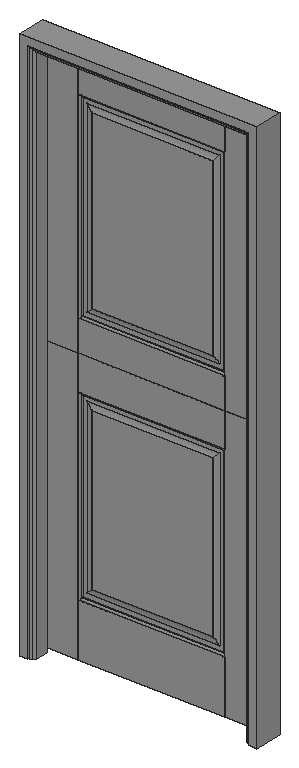
Revit family "I2P STABLE", category Doors, host Wall, Revit 2013
Parameters (values of type "I2P STABLE")
  Function = Interior
  Frame Projection Ext. = 25 mm
  Frame Projection Int. = 25 mm
  Frame Width = 75 mm
  Height = 2090 mm
  Wall Closure = By host
  Width = 889 mm
Reference planes
  plane 1: y = 0
  plane 2 "Center (Left/Right)": x = 0
  plane 3 "Left": x = -444.5
  plane 4 "Right": x = 444.5
  plane 5: z = 2090
  plane 6 "Exterior": y = 75
  plane 7 "Interior": y = -75
Forms (mm)
  Sweep 1, solid, material "Lauan, Meranti"
    path origin (0, 75, 0) x (1, 0, 0) y (0, 0, 1)
      loop
        line (444.5, 0) -> (444.5, 2090) -> (-444.5, 2090) -> (-444.5, 0)
    profile "Van Acht 105x50 Door Frame Routed Profile (Heavy) : Van Acht 105x50 Door Frame Routed Profile (Heavy)" origin (444.5, 75, 1045) x (-1, 0, 0) y (0, -1, 0)
      loop
        line (0, 22.5) -> (38, 22.5) -> (38, 67.5) -> (50, 67.5) -> (50, 112.5)
        arc (50, 112.5) -> (44.957, 114.29) -> (42.17, 118.859) r 8
        line (42.17, 118.859) -> (39, 118.859)
        arc (39, 118.859) -> (35.311, 122.973) -> (30, 124.5) r 10
        line (30, 124.5) -> (30, 127.5) -> (0, 127.5) -> (0, 22.5)
  Extrusion 2, solid, material "Lauan, Meranti"
    sketch origin (0, 0, 0) x (1, 0, 0) y (0, 1, 0)
      loop
        line (-406.5, 47.5) -> (-406.5, 7.5) -> (-275.5, 7.5) -> (-275.5, 9.5)
        arc (-275.5, 9.5) -> (-270.765, 11.06) -> (-268.5, 15.5) r 6.549
        line (-268.5, 15.5) -> (-266.5, 15.5) -> (-266.5, 17.5) -> (-281.5, 17.5) -> (-281.5, 37.5) -> (-266.5, 37.5) -> (-266.5, 39.5) -> (-268.5, 39.5)
        arc (-268.5, 39.5) -> (-270.765, 43.94) -> (-275.5, 45.5) r 6.549
        line (-275.5, 45.5) -> (-275.5, 47.5) -> (-406.5, 47.5)
      loop
        line (406.5, 47.5) -> (275.5, 47.5) -> (275.5, 45.5)
        arc (275.5, 45.5) -> (270.765, 43.94) -> (268.5, 39.5) r 6.549
        line (268.5, 39.5) -> (266.5, 39.5) -> (266.5, 37.5) -> (281.5, 37.5) -> (281.5, 17.5) -> (266.5, 17.5) -> (266.5, 15.5) -> (268.5, 15.5)
        arc (268.5, 15.5) -> (270.765, 11.06) -> (275.5, 9.5) r 6.549
        line (275.5, 9.5) -> (275.5, 7.5) -> (406.5, 7.5) -> (406.5, 47.5)
    from 1051 to 2052
  Sweep 3, solid, material "Lauan, Meranti"
    path origin (0, 75, 0) x (1, 0, 0) y (0, 0, 1)
      loop
        line (275.5, 1921) -> (-275.5, 1921) -> (-275.5, 1167) -> (275.5, 1167) -> (275.5, 1921)
    profile origin (0, 75, 1921) x (0, 0, -1) y (0, -1, 0)
      loop
        line (-4.5, 57.5) -> (-4.5, 37.5) -> (25.727, 37.5)
        arc (25.727, 37.5) -> (37.468, 35.847) -> (48.5, 31.5) r 50.456
        line (48.5, 31.5) -> (48.5, 63.5)
        arc (48.5, 63.5) -> (37.468, 59.153) -> (25.727, 57.5) r 50.456
        line (25.727, 57.5) -> (-4.5, 57.5)
  Sweep 4, solid, material "Lauan, Meranti"
    path origin (0, 75, 0) x (1, 0, 0) y (0, 0, 1)
      loop
        line (275.5, 920) -> (-275.5, 920) -> (-275.5, 221) -> (275.5, 221) -> (275.5, 920)
    profile origin (0, 75, 920) x (0, 0, -1) y (0, -1, 0)
      loop
        line (-4.5, 57.5) -> (-4.5, 37.5) -> (25.727, 37.5)
        arc (25.727, 37.5) -> (37.468, 35.847) -> (48.5, 31.5) r 50.456
        line (48.5, 31.5) -> (48.5, 63.5)
        arc (48.5, 63.5) -> (37.468, 59.153) -> (25.727, 57.5) r 50.456
        line (25.727, 57.5) -> (-4.5, 57.5)
  Extrusion 5, solid, material "Lauan, Meranti"
    sketch origin (0, 75, 0) x (1, 0, 0) y (0, 0, 1)
      loop
        line (227, 871.5) -> (-227, 871.5) -> (-227, 269.5) -> (227, 269.5) -> (227, 871.5)
    from 31.5 to 63.5
  Extrusion 6, solid, material "Lauan, Meranti"
    sketch origin (0, 75, 715) x (1, 0, 0) y (0, 0, 1)
      loop
        line (227, 1157.5) -> (-227, 1157.5) -> (-227, 500.5) -> (227, 500.5) -> (227, 1157.5)
    from 31.5 to 63.5
  Extrusion 7, solid, material "Lauan, Meranti"
    sketch origin (0, 0, -1001) x (1, 0, 0) y (0, 1, 0)
      loop
        line (-406.5, 47.5) -> (-406.5, 7.5) -> (-275.5, 7.5) -> (-275.5, 9.5)
        arc (-275.5, 9.5) -> (-270.765, 11.06) -> (-268.5, 15.5) r 6.549
        line (-268.5, 15.5) -> (-266.5, 15.5) -> (-266.5, 17.5) -> (-281.5, 17.5) -> (-281.5, 37.5) -> (-266.5, 37.5) -> (-266.5, 39.5) -> (-268.5, 39.5)
        arc (-268.5, 39.5) -> (-270.765, 43.94) -> (-275.5, 45.5) r 6.549
        line (-275.5, 45.5) -> (-275.5, 47.5) -> (-406.5, 47.5)
      loop
        line (406.5, 47.5) -> (275.5, 47.5) -> (275.5, 45.5)
        arc (275.5, 45.5) -> (270.765, 43.94) -> (268.5, 39.5) r 6.549
        line (268.5, 39.5) -> (266.5, 39.5) -> (266.5, 37.5) -> (281.5, 37.5) -> (281.5, 17.5) -> (266.5, 17.5) -> (266.5, 15.5) -> (268.5, 15.5)
        arc (268.5, 15.5) -> (270.765, 11.06) -> (275.5, 9.5) r 6.549
        line (275.5, 9.5) -> (275.5, 7.5) -> (406.5, 7.5) -> (406.5, 47.5)
    from 1021 to 2037
  Extrusion 8, solid, material "Lauan, Meranti"
    sketch origin (0, 0, 0) x (1, 0, 0) y (0, 1, 0)
      loop
        line (-406.5, 47.5) -> (-406.5, 27.5) -> (-281.5, 27.5) -> (-281.5, 37.5) -> (-266.5, 37.5) -> (-266.5, 39.5) -> (-268.5, 39.5)
        arc (-268.5, 39.5) -> (-270.765, 43.94) -> (-275.5, 45.5) r 6.549
        line (-275.5, 45.5) -> (-275.5, 47.5) -> (-406.5, 47.5)
      loop
        line (406.5, 47.5) -> (275.5, 47.5) -> (275.5, 45.5)
        arc (275.5, 45.5) -> (270.765, 43.94) -> (268.5, 39.5) r 6.549
        line (268.5, 39.5) -> (266.5, 39.5) -> (266.5, 37.5) -> (281.5, 37.5) -> (281.5, 27.5) -> (406.5, 27.5) -> (406.5, 47.5)
    from 1036 to 1051
  Extrusion 9, solid, material "Lauan, Meranti"
    sketch origin (0, 0, 0) x (1, 0, 0) y (0, 1, 0)
      loop
        line (-406.5, 27.5) -> (-406.5, 7.5) -> (-275.5, 7.5) -> (-275.5, 9.5)
        arc (-275.5, 9.5) -> (-270.765, 11.06) -> (-268.5, 15.5) r 6.549
        line (-268.5, 15.5) -> (-266.5, 15.5) -> (-266.5, 17.5) -> (-281.5, 17.5) -> (-281.5, 27.5) -> (-406.5, 27.5)
      loop
        line (406.5, 27.5) -> (281.5, 27.5) -> (281.5, 17.5) -> (266.5, 17.5) -> (266.5, 15.5) -> (268.5, 15.5)
        arc (268.5, 15.5) -> (270.765, 11.06) -> (275.5, 9.5) r 6.549
        line (275.5, 9.5) -> (275.5, 7.5) -> (406.5, 7.5) -> (406.5, 27.5)
    from 1036 to 1051
  Extrusion 10, solid, material "Lauan, Meranti"
    sketch origin (0, 140, 0) x (0, -1, 0) y (0, 0, -1)
      loop
        line (132.5, -1051) -> (112.5, -1051) -> (112.5, -1036) -> (92.5, -1036) -> (92.5, -1167) -> (94.5, -1167)
        arc (94.5, -1167) -> (96.134, -1171.67) -> (100.5, -1174) r 6.807
        line (100.5, -1174) -> (100.5, -1176) -> (102.5, -1176) -> (102.5, -1161) -> (122.5, -1161) -> (122.5, -1176) -> (124.5, -1176) -> (124.5, -1174)
        arc (124.5, -1174) -> (128.866, -1171.67) -> (130.5, -1167) r 6.807
        line (130.5, -1167) -> (132.5, -1167) -> (132.5, -1051)
      loop
        arc (130.5, -1921) -> (128.866, -1916.33) -> (124.5, -1914) r 6.807
        line (124.5, -1914) -> (124.5, -1912) -> (122.5, -1912) -> (122.5, -1927) -> (102.5, -1927) -> (102.5, -1912) -> (100.5, -1912) -> (100.5, -1914)
        arc (100.5, -1914) -> (96.134, -1916.33) -> (94.5, -1921) r 6.807
        line (94.5, -1921) -> (92.5, -1921) -> (92.5, -2052) -> (132.5, -2052) -> (132.5, -1921) -> (130.5, -1921)
    from -275.5 to 275.5
  Extrusion 11, solid, material "Lauan, Meranti"
    sketch origin (0, 205, 0) x (0, -1, 0) y (0, 0, -1)
      loop
        line (157.5, -20) -> (157.5, -221) -> (159.5, -221)
        arc (159.5, -221) -> (161.134, -225.67) -> (165.5, -228) r 6.807
        line (165.5, -228) -> (165.5, -230) -> (167.5, -230) -> (167.5, -215) -> (187.5, -215) -> (187.5, -230) -> (189.5, -230) -> (189.5, -228)
        arc (189.5, -228) -> (193.866, -225.67) -> (195.5, -221) r 6.807
        line (195.5, -221) -> (197.5, -221) -> (197.5, -20) -> (157.5, -20)
      loop
        line (197.5, -1051) -> (197.5, -920) -> (195.5, -920)
        arc (195.5, -920) -> (193.866, -915.33) -> (189.5, -913) r 6.807
        line (189.5, -913) -> (189.5, -911) -> (187.5, -911) -> (187.5, -926) -> (167.5, -926) -> (167.5, -911) -> (165.5, -911) -> (165.5, -913)
        arc (165.5, -913) -> (161.134, -915.33) -> (159.5, -920) r 6.807
        line (159.5, -920) -> (157.5, -920) -> (157.5, -1036) -> (177.5, -1036) -> (177.5, -1051) -> (197.5, -1051)
    from -275.5 to 275.5
Cuts and joins
  joined: Extrusion 7, Extrusion 9
  joined: Extrusion 2, Extrusion 8
Lines and regions (mm)
  Opening 1
    outline origin (-3050, -75, 0) x (1, 0, 0) y (0, 0, 1)
      loop
        line (2605.5, 0) -> (3494.5, 0) -> (3494.5, 2090) -> (2605.5, 2090) -> (2605.5, 0)
  symbolic lines, style "Elevation Swing"
    curve 1: line (444.5, -75, 1045) -> (-444.5, -75, 2090)
    curve 2: line (444.5, -75, 1045) -> (-444.5, -75, 0)
  model lines
    curve 3: line (406.5, 52.5, 0) -> (406.5, 865.5, 0)
    curve 4: arc (-406.5, 52.5, 0) -> (-168.378, 627.378, 0) -> (406.5, 865.5, 0) r 813
Text (mm)
  text "Exterior" at (-2295.016, 1099.543, 0), in view "Ref. Level"
  text "Exterior" at (0, 1615.38, 3698.081), in view "Left"
  text "Exterior" at (0, 1036.032, 3874.932), in view "Right"
Dimensions and locks
  equal spacing: plane 3 "Left", plane 2 "Center (Left/Right)", plane 4 "Right"
  "Width": plane 3 "Left" to plane 4 "Right"
  "Height": plane 5 to host wall
  equal spacing: host wall, curve 2, plane 5
  host wall to plane 5 = 2090 mm
  locked: plane 6 "Exterior" to host wall at 0
  locked: plane 7 "Interior" to host wall
  plane 3 "Left" to plane 4 "Right" = 889 mm  (x2)
  Sweep 1 to Sweep 1 = 813 mm
  cut or joined group of Extrusion 7, Extrusion 9 to Sweep 1 = 2032 mm
  cut or joined group of Extrusion 7, Extrusion 9 to cut or joined group of Extrusion 2, Extrusion 8 = 1016 mm
  cut or joined group of Extrusion 2, Extrusion 8 to cut or joined group of Extrusion 7, Extrusion 9 = 1031 mm
  aligned and locked: plane 3 "Left" to Opening 1 sketch curve
  aligned and locked: plane 5 to Opening 1 sketch curve  (x2)
  aligned and locked: Opening 1 sketch curve to plane 4 "Right"
  aligned and locked: Opening 1 sketch curve to level
  aligned and locked: plane 5 to curve 1
  aligned and locked: plane 3 "Left" to curve 2
  aligned and locked: plane 1 to host wall
  aligned and locked: plane 3 "Left" to curve 1
Automatic sketch dimensions
  plane 4 "Right" to curve 2 = 0 mm
  curve 2 to level = 0 mm
  plane 3 "Left" to Sweep 1 sketch curve = 0 mm
  plane 4 "Right" to Sweep 1 sketch curve = 0 mm
  Sweep 1 sketch curve to plane 5 = 0 mm
  Sweep 1 sketch curve to level = 0 mm  (x2)
  Extrusion 2 sketch curve to host wall = 7.5 mm  (x2)
  Extrusion 2 sketch curve to plane 3 "Left" = 38 mm
  Extrusion 2 sketch curve to host wall = 37.5 mm  (x2)
  Extrusion 2 sketch curve to Extrusion 2 sketch curve = 125 mm
  Extrusion 2 sketch curve to Extrusion 2 sketch curve = 6 mm  (x7)
  Extrusion 2 sketch curve to Extrusion 2 sketch curve = 7 mm  (x4)
  Extrusion 2 sketch curve to Extrusion 2 sketch curve = 2 mm  (x11)
  plane 4 "Right" to Extrusion 2 sketch curve = 178 mm
  Extrusion 2 sketch curve to Extrusion 2 sketch curve = 0 mm
  plane 4 "Right" to Extrusion 2 sketch curve = 38 mm
  Extrusion 2 sketch curve to Extrusion 2 sketch curve = 0.473 mm  (x3)
  Extrusion 2 sketch curve to Extrusion 2 sketch curve = 6.527 mm
  Extrusion 2 sketch curve to Extrusion 2 sketch curve = 1.468 mm
  Sweep 3 sketch curve to plane 3 "Left" = 169 mm
  plane 4 "Right" to Sweep 3 sketch curve = 169 mm
  plane 5 to Sweep 3 sketch curve = 923 mm
  plane 5 to Sweep 3 sketch curve = 169 mm
  profile plane to Sweep 3 sketch curve = 4.5 mm
  plane 6 "Exterior" to Sweep 3 sketch curve = 31.5 mm
  Sweep 3 sketch curve to profile plane = 25.727 mm
  Sweep 3 sketch curve to Sweep 3 sketch curve = 0 mm
  Sweep 3 sketch curve to Sweep 3 sketch curve = 22.773 mm
  Sweep 3 sketch curve to profile plane = 24.613 mm  (x2)
  Sweep 3 sketch curve to Sweep 3 sketch curve = 6 mm  (x2)
  Sweep 3 sketch curve to Sweep 3 sketch curve = 20 mm
  Sweep 4 sketch curve to plane 3 "Left" = 169 mm
  level to Sweep 4 sketch curve = 221 mm
  plane 4 "Right" to Sweep 4 sketch curve = 169 mm
  Sweep 4 sketch curve to Sweep 4 sketch curve = 699 mm
  profile plane to Sweep 4 sketch curve = 4.5 mm
  plane 6 "Exterior" to Sweep 4 sketch curve = 31.5 mm
  Sweep 4 sketch curve to profile plane = 25.727 mm
  Sweep 4 sketch curve to Sweep 4 sketch curve = 0 mm
  Sweep 4 sketch curve to Sweep 4 sketch curve = 22.773 mm
  Sweep 4 sketch curve to profile plane = 24.613 mm  (x2)
  plane 6 "Exterior" to Sweep 4 sketch curve = 37.5 mm
  Sweep 4 sketch curve to Sweep 4 sketch curve = 20 mm
  Sweep 4 sketch curve to Sweep 4 sketch curve = 6 mm
  Extrusion 5 sketch curve to plane 3 "Left" = 217.5 mm
  level to Extrusion 5 sketch curve = 269.5 mm
  plane 4 "Right" to Extrusion 5 sketch curve = 217.5 mm
  Extrusion 5 sketch curve to Extrusion 5 sketch curve = 602 mm
  Extrusion 6 sketch curve to plane 3 "Left" = 217.5 mm
  plane 4 "Right" to Extrusion 6 sketch curve = 217.5 mm
  plane 5 to Extrusion 6 sketch curve = 874.5 mm
  plane 5 to Extrusion 6 sketch curve = 217.5 mm
  plane 4 "Right" to curve 3 = 38 mm
  host wall to curve 3 = 790.5 mm
  curve 4 to host wall = 22.5 mm
  curve 3 to curve 4 = 0 mm
  Extrusion 7 sketch curve to host wall = 7.5 mm  (x2)
  Extrusion 7 sketch curve to plane 3 "Left" = 38 mm
  Extrusion 7 sketch curve to host wall = 37.5 mm  (x2)
  Extrusion 7 sketch curve to Extrusion 7 sketch curve = 125 mm
  Extrusion 7 sketch curve to Extrusion 7 sketch curve = 6 mm  (x7)
  Extrusion 7 sketch curve to Extrusion 7 sketch curve = 7 mm  (x4)
  Extrusion 7 sketch curve to Extrusion 7 sketch curve = 2 mm  (x11)
  plane 4 "Right" to Extrusion 7 sketch curve = 178 mm
  Extrusion 7 sketch curve to Extrusion 7 sketch curve = 0 mm
  plane 4 "Right" to Extrusion 7 sketch curve = 38 mm
  Extrusion 7 sketch curve to Extrusion 7 sketch curve = 0.473 mm  (x2)
  Extrusion 7 sketch curve to Extrusion 7 sketch curve = 6.527 mm  (x2)
  Extrusion 7 sketch curve to Extrusion 7 sketch curve = 1.468 mm
  Extrusion 8 sketch curve to plane 3 "Left" = 38 mm
  Extrusion 8 sketch curve to host wall = 27.5 mm  (x2)
  Extrusion 8 sketch curve to host wall = 37.5 mm  (x2)
  Extrusion 8 sketch curve to Extrusion 8 sketch curve = 125 mm
  Extrusion 8 sketch curve to Extrusion 8 sketch curve = 6 mm  (x4)
  Extrusion 8 sketch curve to Extrusion 8 sketch curve = 7 mm  (x2)
  Extrusion 8 sketch curve to Extrusion 8 sketch curve = 2 mm  (x6)
  plane 4 "Right" to Extrusion 8 sketch curve = 178 mm
  plane 4 "Right" to Extrusion 8 sketch curve = 38 mm
  Extrusion 8 sketch curve to Extrusion 8 sketch curve = 6.527 mm  (x2)
  Extrusion 9 sketch curve to host wall = 7.5 mm  (x2)
  Extrusion 9 sketch curve to plane 3 "Left" = 38 mm
  Extrusion 9 sketch curve to host wall = 17.5 mm
  Extrusion 9 sketch curve to Extrusion 9 sketch curve = 125 mm
  Extrusion 9 sketch curve to Extrusion 9 sketch curve = 6 mm
  Extrusion 9 sketch curve to Extrusion 9 sketch curve = 7 mm  (x2)
  Extrusion 9 sketch curve to Extrusion 9 sketch curve = 2 mm  (x6)
  Extrusion 9 sketch curve to host wall = 15.5 mm
  plane 4 "Right" to Extrusion 9 sketch curve = 178 mm
  Extrusion 9 sketch curve to Extrusion 9 sketch curve = 13 mm
  plane 4 "Right" to Extrusion 9 sketch curve = 38 mm
  Extrusion 9 sketch curve to Extrusion 9 sketch curve = 6.527 mm  (x2)
  Extrusion 9 sketch curve to Extrusion 9 sketch curve = 10 mm
  Extrusion 9 sketch curve to Extrusion 9 sketch curve = 20 mm
  Extrusion 10 sketch curve to host wall = 27.5 mm  (x2)
  plane 5 to Extrusion 10 sketch curve = 38 mm
  Extrusion 10 sketch curve to Extrusion 10 sketch curve = 2 mm  (x10)
  Extrusion 10 sketch curve to Extrusion 10 sketch curve = 6 mm  (x6)
  Extrusion 10 sketch curve to Extrusion 10 sketch curve = 20 mm
  Extrusion 10 sketch curve to host wall = 17.5 mm  (x2)
  Extrusion 10 sketch curve to host wall = 7.5 mm  (x2)
  Extrusion 10 sketch curve to Extrusion 10 sketch curve = 1.197 mm  (x4)
  Extrusion 10 sketch curve to Extrusion 10 sketch curve = 125 mm
  Extrusion 10 sketch curve to Extrusion 10 sketch curve = 7 mm  (x4)
  Extrusion 10 sketch curve to Extrusion 10 sketch curve = 736 mm
  Extrusion 10 sketch curve to Extrusion 10 sketch curve = 0 mm
  Extrusion 10 sketch curve to Extrusion 10 sketch curve = 6.241 mm
  Extrusion 10 sketch curve to Extrusion 10 sketch curve = 110 mm
  Extrusion 10 sketch curve to Extrusion 10 sketch curve = 15 mm
  Extrusion 11 sketch curve to host wall = 27.5 mm  (x2)
  Extrusion 11 sketch curve to host wall = 7.5 mm
  plane 5 to Extrusion 11 sketch curve = 1039 mm
  Extrusion 11 sketch curve to Extrusion 11 sketch curve = 2 mm  (x12)
  Extrusion 11 sketch curve to Extrusion 11 sketch curve = 6 mm  (x5)
  Extrusion 11 sketch curve to Extrusion 11 sketch curve = 20 mm
  Extrusion 11 sketch curve to Extrusion 11 sketch curve = 10 mm
  Extrusion 11 sketch curve to host wall = 17.5 mm
  Extrusion 11 sketch curve to Extrusion 11 sketch curve = 1.197 mm  (x4)
  Extrusion 11 sketch curve to Extrusion 11 sketch curve = 15 mm
  Extrusion 11 sketch curve to Extrusion 11 sketch curve = 110 mm
  Extrusion 11 sketch curve to Extrusion 11 sketch curve = 7 mm  (x4)
  level to Extrusion 11 sketch curve = 230 mm
  Extrusion 11 sketch curve to Extrusion 11 sketch curve = 0 mm
  Extrusion 11 sketch curve to Extrusion 11 sketch curve = 6.241 mm
  level to Extrusion 11 sketch curve = 20 mm
